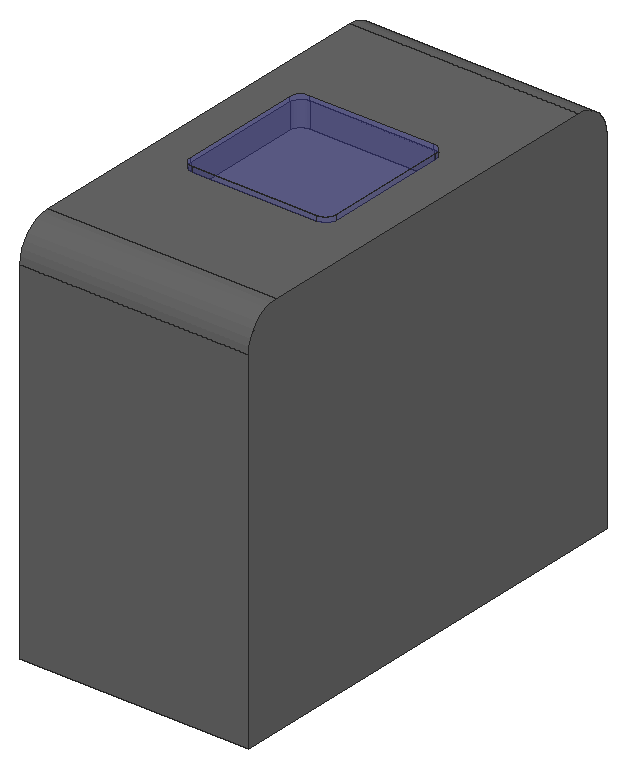
Revit family "Domotics-DomesticRanges-GEWISS-SYSTEM_SIGNALLING-LAMP_ANTIBLACKOUT_1M", category Apparecchi elettrici, host Superficie, Revit 2016
Family settings
  Host = Superficie
  Mantenere orientamento annotazione = Sì
  Tipo di parte = Normale
  Quota connettore circolare = Usa diametro
  Taglio con vuoti quando caricato = No
  Condiviso = Sì
  Punto di calcolo locali = Sì
Parameters (values of type "GW21835 - Anti black-out lamp 1module black")
  Volt = 230 V
  Vista in pianta [instance] = yes
  Version file RFA = "19.4"
  URL = "https://www.gewiss.com/ww/en"
  Type of lamp = "LED"
  Tipo = System Lampade Antiblack-out 1M_GENERICO : GW21835 Lampada anti black-out fissa nero
  Technical sheet = "https://www.gewiss.com/ww/en/search?q=GW21835"
  Supply voltage = "230 V ac - 50/60 Hz"
  Simbolo [instance] = yes
  SEO = "Lamp"
  Realized by GEWISS S.p.A. = ""
  Default Elevation = 1219.2 mm
  Produttore = "GEWISS S.p.A."
  Power supply batteries = "Ni - Mh"
  Offset presa [instance] = 0 mm
  Offset bidimensionale [instance] = 2 mm
  No. SYSTEM modules = "1"
  N. poli = 1
  Modello = "GW21835"
  Minimum autonomy = "1H"
  Lamp = "LED"
  Immagine tipo = GW21835.jpg
  IFC.TypeObject = ""
  IFC.ExportType = ""
  IFC.ExportAs = ""
  IDT = "d9da78bc-1723-4630-88d8-a24a365b252f"
  IDF = "0899e216-8bf0-441b-9677-c45efe73bcf9"
  Electrocod = "0781"
  EAN code = "8011564747586"
  Duration = "1H"
  Distanza_x [instance] = 0 mm
  Distanza_effettiva_x [instance] = 1000 mm - Distanza_x  # 1000 mm
  Descrizione = "ANTI BLACK-OUT LAMP 1MODULE SY/BK"
  Description. = "Anti black-out lamp"
  Colour = "Black"
  Catalogue Range = "SYSTEM - DOMESTIC RANGE"
  Catalogue = "DOMOTICS"
  Carico apparente = 0 VA
  COBie.Tagnumber = ""
  COBie.CreatedOn = ""
  COBie.CreatebBy = ""
  COBie.ComponentRegisterItemID = ""
  COBie.Component.TagNumber = ""
  COBie.Component.Space = ""
  COBie.Component.SerialNumber = ""
  COBie.Component.InstallationDate = ""
  COBie.Component.Description = ""
  COBie.Component.BarCode = ""
  Autonomy = "1H"
Types (2, lengths in mm): name | Tipo | Technical sheet | Power supply batteries | Modello | Immagine tipo | IDT | EAN code | Descrizione | Colour
  GW20835 - Anti black-out lamp 1module sy/wh | System Lampade Antiblack-out 1M_GENERICO : GW20835 Lampada anti black-out fissa bianco | "https://www.gewiss.com/ww/en/search?q=GW20835" | "Ni-Mh" | "GW20835" | GW20835.jpg | "71d78733-1dca-4ebf-b98e-4503c2b77272" | "8011564747579" | "ANTI BLACK-OUT LAMP 1MODULE SY/WH" | "White"
  GW21835 - Anti black-out lamp 1module black | System Lampade Antiblack-out 1M_GENERICO : GW21835 Lampada anti black-out fissa nero | "https://www.gewiss.com/ww/en/search?q=GW21835" | "Ni - Mh" | "GW21835" | GW21835.jpg | "d9da78bc-1723-4630-88d8-a24a365b252f" | "8011564747586" | "ANTI BLACK-OUT LAMP 1MODULE SY/BK" | "Black"
Reference planes
  plane 1 "Centro (Fronte/Retro)": y = 0
  plane 2: z = 0
  plane 3 "Centro (Sinistra/Destra)": x = 0
  plane 4: x = -1000
  plane 5: z = 0
  plane 6: z = 41
  plane 7: x = 0
  plane 8: z = 39
Lines and regions (mm)
  Masking region 1, visible <- "Vista in pianta"
    outline origin (0, 0, 0) x (1, 0, 0) y (0, 1, 0)
      loop
        line (-11.5, 22.498) -> (-11.5, -22.502) -> (11.5, -22.502) -> (11.5, 22.498) -> (-11.5, 22.498)
      loop
        line (-7.36, 7.358) -> (-7.36, -7.362) -> (7.36, -7.362) -> (7.36, 7.358) -> (-7.36, 7.358)
  Masking region 2, visible <- "Vista in pianta"
    outline origin (0, 0, 0) x (1, 0, 0) y (0, 0, 1)
      loop
        line (-11.5, 39) -> (-11.5, 0) -> (11.5, 0) -> (11.5, 39) -> (-11.5, 39)
  Masking region 3, visible <- "Vista in pianta"
    outline origin (0, 0, 0) x (0, 1, 0) y (0, 0, 1)
      loop
        line (22.498, 0) -> (22.498, 39) -> (-22.502, 39) -> (-22.502, 0) -> (22.498, 0)
Dimensions and locks
  plane 4 to plane 3 "Centro (Sinistra/Destra)" = 1000 mm
  "Offset presa": plane 5 to host face
  "Distanza_effettiva_x": plane 4 to plane 7
  locked: plane 8 to plane 5 at 39
  "Offset bidimensionale": plane 6 to plane 8
  aligned and locked: plane 2 to host face
  aligned and locked: level to host face
  aligned and locked: plane 1 "Centro (Fronte/Retro)" to nested 1
  aligned and locked: plane 3 "Centro (Sinistra/Destra)" to nested 1
  aligned and locked: plane 7 to nested 2
  aligned and locked: Masking region 2 sketch curve to nested 1  (x4)
  aligned and locked: plane 6 to import instance
  aligned and locked: nested 1 to plane 5
  aligned and locked: Masking region 3 sketch curve to nested 1  (x4)
  aligned and locked: plane 8 to nested 1
Automatic sketch dimensions
  host sketch curve to host sketch curve = 2438.4 mm  (x2)
  Masking region 1 sketch curve to plane 3 "Centro (Sinistra/Destra)" = 11.5 mm
  plane 3 "Centro (Sinistra/Destra)" to Masking region 1 sketch curve = 11.5 mm
  plane 1 "Centro (Fronte/Retro)" to Masking region 1 sketch curve = 22.502 mm
  Masking region 1 sketch curve to plane 1 "Centro (Fronte/Retro)" = 22.498 mm
  Masking region 1 sketch curve to plane 3 "Centro (Sinistra/Destra)" = 7.36 mm
  Masking region 1 sketch curve to plane 1 "Centro (Fronte/Retro)" = 7.358 mm
  plane 3 "Centro (Sinistra/Destra)" to Masking region 1 sketch curve = 7.36 mm
  plane 1 "Centro (Fronte/Retro)" to Masking region 1 sketch curve = 7.362 mm
Nested families
  nested 1: "System Lampade Antiblack-out 1M_GENERICO" at (0, 0, 0), type <- "Tipo", type "GW21835 Lampada anti black-out fissa nero", detail levels medium+fine
  nested 2: "LAMPEMERG" at (0, 100, 0), visible <- "Simbolo", SIMBOLO <- "Simbolo", type "LAMPEMERG"
    with SIMBOLO yes, Distanza dal muro 4.208 mm, BORDO ACCESO yes
Connectors
  electrical at (0, -0.002, 0), driven by "N. poli", driven by "Volt", driven by "Carico apparente"
    settings: on nested 1, index 1, voltage 230 V, apparent load 0 VA, apparent load phase1 0 VA, apparent load phase2 0 VA, apparent load phase3 0 VA, power factor 1, load classification "Altro", number of poles 1, system type 31, power factor state 1, is connector primary yes, connector utility no, sub classification motor no, connector description ""
Definition of nested family "System Lampade Antiblack-out 1M_GENERICO"
  Parameters (values of type "GW21835 Lampada anti black-out fissa nero")
    Profondità presa = 39 mm
    Finitura System Antiblack-out = none
    Finitura System Antiblack-out Led = none
    Altezza da Terra = 750 mm
  Types (2): name
    GW20835 Lampada anti black-out fissa bianco
    GW21835 Lampada anti black-out fissa nero
  Reference planes
    plane 1 "Centro (Fronte/Retro)": y = 0
    plane 2: z = 0
    plane 3 "Centro (Sinistra/Destra)": x = 0
    plane 4: z = 39
  Forms (mm)
    Extrusion 1, solid, material <- "Finitura System Antiblack-out"
      sketch origin (0, -772.502, 39) x (0, 0, -1) y (0, 1, 0)
        loop
          line (3.5, 750) -> (39, 750) -> (39, 795) -> (3.495, 795)
          arc (3.495, 795) -> (1.024, 793.976) -> (0, 791.505) r 3.495
          line (0, 791.505) -> (0, 753.5)
          arc (0, 753.5) -> (1.025, 751.025) -> (3.5, 750) r 3.5
      from -11.5 to 11.5
    Extrusion 2, void
      sketch origin (0, -772.502, 39) x (1, 0, 0) y (0, 1, 0)
        loop
          line (6.262, 779.86) -> (-6.262, 779.86)
          arc (-6.262, 779.86) -> (-7.039, 779.539) -> (-7.36, 778.762) r 1.098
          line (-7.36, 778.762) -> (-7.36, 766.238)
          arc (-7.36, 766.238) -> (-7.039, 765.461) -> (-6.262, 765.14) r 1.098
          line (-6.262, 765.14) -> (6.262, 765.14)
          arc (6.262, 765.14) -> (7.039, 765.461) -> (7.36, 766.238) r 1.098
          line (7.36, 766.238) -> (7.36, 778.762)
          arc (7.36, 778.762) -> (7.039, 779.539) -> (6.262, 779.86) r 1.098
      from -2.5 to 0
    Extrusion 3, solid, material <- "Finitura System Antiblack-out Led", detail levels fine
      sketch origin (0, -772.502, 39) x (1, 0, 0) y (0, 1, 0)
        loop
          arc (-6.262, 779.86) -> (-7.039, 779.539) -> (-7.36, 778.762) r 1.098
          line (-7.36, 778.762) -> (-7.36, 766.238)
          arc (-7.36, 766.238) -> (-7.039, 765.461) -> (-6.262, 765.14) r 1.098
          line (-6.262, 765.14) -> (6.262, 765.14)
          arc (6.262, 765.14) -> (7.039, 765.461) -> (7.36, 766.238) r 1.098
          line (7.36, 766.238) -> (7.36, 778.762)
          arc (7.36, 778.762) -> (7.039, 779.539) -> (6.262, 779.86) r 1.098
          line (6.262, 779.86) -> (-6.262, 779.86)
      from -2.5 to 0.5
  Cuts and joins
    Extrusion 2 cuts Extrusion 1
  Dimensions and locks
    "Profondità presa": plane 4 to level
    aligned and locked: level to plane 2
    aligned and locked: Extrusion 3 to cut or joined group of Extrusion 1, Extrusion 2
    aligned and locked: Extrusion 1 to level
  Automatic sketch dimensions
    level to Extrusion 1 sketch curve = 0 mm
    Extrusion 1 sketch curve to Extrusion 1 sketch curve = 35.5 mm
    level to Extrusion 1 sketch curve = 35.505 mm
    Extrusion 1 sketch curve to Extrusion 1 sketch curve = 3.5 mm
    plane 1 "Centro (Fronte/Retro)" to Extrusion 1 sketch curve = 22.502 mm
    Extrusion 1 sketch curve to plane 1 "Centro (Fronte/Retro)" = 19.002 mm
    Extrusion 2 sketch curve to plane 3 "Centro (Sinistra/Destra)" = 7.36 mm
    Extrusion 2 sketch curve to Extrusion 2 sketch curve = 1.098 mm  (x3)
    plane 3 "Centro (Sinistra/Destra)" to Extrusion 2 sketch curve = 6.262 mm  (x2)
    plane 1 "Centro (Fronte/Retro)" to Extrusion 2 sketch curve = 7.362 mm
    Extrusion 2 sketch curve to plane 1 "Centro (Fronte/Retro)" = 6.26 mm
    Extrusion 3 sketch curve to plane 3 "Centro (Sinistra/Destra)" = 7.36 mm
    Extrusion 3 sketch curve to Extrusion 3 sketch curve = 1.098 mm  (x3)
    plane 3 "Centro (Sinistra/Destra)" to Extrusion 3 sketch curve = 6.262 mm  (x2)
    plane 1 "Centro (Fronte/Retro)" to Extrusion 3 sketch curve = 7.362 mm
    Extrusion 3 sketch curve to plane 1 "Centro (Fronte/Retro)" = 6.26 mm
Definition of nested family "LAMPEMERG"
  Parameters (values of type "LAMPEMERG")
    SIMBOLO [instance] = yes
    Distanza dal muro [instance] = 4.208 mm
    BORDO ACCESO [instance] = yes
  Reference planes
    plane 1: y = 0
    plane 2: x = 0
  Dimensions and locks
    aligned and locked: plane 1 to nested 1
  Nested families
    nested 1: "LAMPEMERGE_BASE" at (0, 0, 0), BORDO ACCESO <- "BORDO ACCESO", visible <- "SIMBOLO", type "LAMPEMERG"
      with BORDO ACCESO yes
  Definition of nested family "LAMPEMERGE_BASE"
    Parameters (values of type "LAMPEMERG")
      Distanza dal muro = 4.208 mm
      BORDO ACCESO [instance] = yes
    Reference planes
      plane 1: y = 0
      plane 2: x = 0
    Lines and regions (mm)
      detail lines, visible <- "BORDO ACCESO", not visible
        curve 1: line (-1.743, 9.208, 0) -> (2.057, 9.208, 0)
        curve 2: line (2.057, 9.208, 0) -> (2.057, 4.208, 0)
        curve 3: line (2.057, 4.208, 0) -> (-1.743, 4.208, 0)
        curve 4: line (-1.743, 4.208, 0) -> (-1.743, 9.208, 0)
        curve 5: line (-1.543, 9.008, 0) -> (1.857, 9.008, 0)
        curve 6: line (1.857, 9.008, 0) -> (1.857, 4.408, 0)
        curve 7: line (1.857, 4.408, 0) -> (-1.543, 4.408, 0)
        curve 8: line (-1.543, 4.408, 0) -> (-1.543, 9.008, 0)
